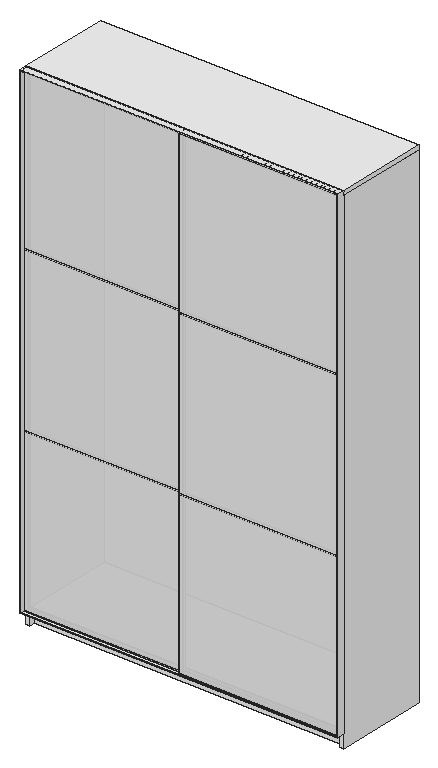
Revit family "677419a4529940beb06d459b9ebe6747", category Mobilier, Revit 2021
Family settings
  Numéro OmniClass = 23.40.20.00
  Titre OmniClass = General Furniture and Specialties
  Basée sur le plan de construction = Non
  Toujours verticalement = Oui
  Couper avec des vides une fois chargée = Non
  Partagée = Non
  Point de calcul de pièce = Non
Parameters (values of type "150 x 44 x 236 cm - Blanc brillant")
  Elévation par défaut = 0 mm
  Profondeur = 440 mm
  Profils = Métal - Alu brossé
  Portes = Verre trempé - Blanc
  Mobilier = Aggloméré - Blanc brillant
  Largeur = 1500 mm
  Hauteur = 2360 mm
Types (11, lengths in mm): name | Profondeur | Portes | Mobilier | Largeur | Hauteur
  (no name) | 440 | Verre trempé - Blanc | Aggloméré - Blanc brillant | 1500 | 2360
  150 x 44 x 236 cm - Blanc brillant | 440 | Verre trempé - Blanc | Aggloméré - Blanc brillant | 1500 | 2360
  150 x 66 x 236 cm - Blanc brillant | 660 | Verre trempé - Blanc | Aggloméré - Blanc brillant | 1500 | 2360
  150 x 66 x 201 cm - Blanc brillant | 660 | Verre trempé - Blanc | Aggloméré - Blanc brillant | 1500 | 2010
  200 x 44 x 236 cm - Blanc brillant | 440 | Verre trempé - Blanc | Aggloméré - Blanc brillant | 2000 | 2360
  200 x 66 x 236 cm - Blanc brillant | 660 | Verre trempé - Blanc | Aggloméré - Blanc brillant | 2000 | 2360
  150 x 44 x 236 cm - Noir brillant | 440 | Verre trempé - Noir | Aggloméré - Noir brillant | 1500 | 2360
  150 x 66 x 201 cm - Noir brillant | 660 | Verre trempé - Noir | Aggloméré - Noir brillant | 1500 | 2010
  150 x 66 x 236 cm - Noir brillant | 660 | Verre trempé - Noir | Aggloméré - Noir brillant | 1500 | 2360
  200 x 44 x 236 cm - Noir brillant | 440 | Verre trempé - Noir | Aggloméré - Noir brillant | 2000 | 2360
  200 x 66 x 236 cm - Noir brillant | 660 | Verre trempé - Noir | Aggloméré - Noir brillant | 2000 | 2360
Reference planes
  plane 1 "Centre (avant/arrière)": y = 0
  plane 2: z = 0
  plane 3 "Centre (gauche/droite)": x = 0
  plane 4: x = -750
  plane 5: x = 750
  plane 6: y = -440
  plane 7: z = 2360
  plane 8: y = -420
  plane 9: z = 60
  plane 10: z = 2341
  plane 11: y = -443.53
  plane 12: y = -459.53
Forms (mm)
  Extrusion 1, solid, material "Aggloméré - Blanc brillant" <- "Mobilier"
    sketch origin (0, 0, 0) x (0, 1, 0) y (0, 0, 1)
      loop
        line (0, 2360) -> (-440, 2360) -> (-440, 2341) -> (0, 2341) -> (0, 2360)
    from -750 to 750
  Extrusion 2, solid, material "Aggloméré - Blanc brillant" <- "Mobilier"
    sketch origin (0, 0, 0) x (1, 0, 0) y (0, 1, 0)
      loop
        line (-750, 0) -> (-750, -440) -> (-731, -440) -> (-731, 0) -> (-750, 0)
      loop
        line (731, 0) -> (731, -440) -> (750, -440) -> (750, 0) -> (731, 0)
    from 0 to 2341
  Extrusion 3, solid, material "Aggloméré - Blanc brillant" <- "Mobilier"
    sketch origin (0, 0, 0) x (1, 0, 0) y (0, 1, 0)
      loop
        line (-731, -420) -> (731, -420) -> (731, -401) -> (-731, -401) -> (-731, -420)
      loop
        line (-731, -20) -> (-731, -39) -> (731, -39) -> (731, -20) -> (-731, -20)
    from 0 to 60
  Extrusion 4, solid, material "Aggloméré - Blanc brillant" <- "Mobilier"
    sketch origin (0, 0, 0) x (1, 0, 0) y (0, 1, 0)
      loop
        line (-731, 0) -> (-731, -5) -> (731, -5) -> (731, 0) -> (-731, 0)
    from 0 to 2341
  Extrusion 5, solid, material "Aggloméré - Blanc brillant" <- "Mobilier"
    sketch origin (0, 0, 0) x (1, 0, 0) y (0, 0, 1)
      loop
        line (-731, 60) -> (731, 60) -> (731, 79) -> (-731, 79) -> (-731, 60)
    from 0 to 440
  Sweep 6, solid, material "Métal - Alu brossé" <- "Profils"
    path in 3D
      loop
        line (750, -440, 60) -> (-750, -440, 60) -> (-750, -440, 2360) -> (750, -440, 2360) -> (750, -440, 60)
    profile origin (750, -440, 1210) x (1, 0, 0) y (0, 1, 0)
      loop
        line (-19, 0) -> (-19, -3) -> (-3, -3) -> (-3, -35) -> (0, -35) -> (0, 0) -> (-19, 0)
Cuts and joins
  joined: Extrusion 4, Extrusion 5
Lines and regions (mm)
  sketch lines
    curve 1: line (750, -440, 2360) -> (750, -440, 60)
    curve 2: line (750, -440, 2360) -> (-750, -440, 2360)
    curve 3: line (-750, -440, 2360) -> (-750, -440, 60)
    curve 4: line (-750, -440, 60) -> (750, -440, 60)
Dimensions and locks
  "Profondeur": plane 6 to plane 1 "Centre (avant/arrière)"
  equal spacing: plane 4, plane 3 "Centre (gauche/droite)", plane 5
  "Largeur": plane 4 to plane 5
  "Hauteur": plane 7 to level
  locked: plane 8 to plane 6 at 20
  locked: plane 7 to Extrusion 1 sketch curve at 19
  locked: plane 4 to Extrusion 2 sketch curve at 19
  locked: Extrusion 2 sketch curve to plane 5 at 19
  locked: plane 9 to level at 60
  locked: plane 4 to Extrusion 3 sketch curve at 19
  locked: Extrusion 3 sketch curve to plane 5 at 19
  locked: Extrusion 3 sketch curve to plane 8 at 19
  locked: plane 7 to plane 10 at 19
  locked: plane 4 to Extrusion 4 sketch curve at 19
  locked: Extrusion 4 sketch curve to plane 5 at 19
  locked: Extrusion 4 sketch curve to plane 1 "Centre (avant/arrière)" at 5
  locked: Extrusion 5 sketch curve to plane 4 at 19
  locked: plane 5 to Extrusion 5 sketch curve at 19
  locked: Extrusion 5 sketch curve to plane 9 at 19
  locked: Extrusion 3 sketch curve to plane 1 "Centre (avant/arrière)" at 20
  locked: Extrusion 3 sketch curve to Extrusion 3 sketch curve at 19
  plane 6 to plane 11 to plane 12 = 3.53 mm locked, 16 mm locked
  locked: plane 6 to Sweep 6 sketch curve at 35
  locked: Sweep 6 sketch curve to plane 5 at 19
  locked: plane 6 to Sweep 6 sketch curve at 3
  locked: Sweep 6 sketch curve to plane 5 at 3
  aligned and locked: level to plane 2
  aligned and locked: plane 7 to Extrusion 1 sketch curve
  aligned and locked: Extrusion 1 sketch curve to plane 1 "Centre (avant/arrière)"
  aligned and locked: Extrusion 1 sketch curve to plane 6
  aligned and locked: Extrusion 1 to plane 4
  aligned and locked: plane 5 to Extrusion 1
  aligned and locked: plane 1 "Centre (avant/arrière)" to Extrusion 2 sketch curve  (x2)
  aligned and locked: plane 4 to Extrusion 2 sketch curve
  aligned and locked: Extrusion 2 sketch curve to plane 5
  aligned and locked: Extrusion 2 sketch curve to Extrusion 2 sketch curve
  aligned and locked: Extrusion 3 sketch curve to plane 8
  aligned and locked: plane 9 to Extrusion 3
  aligned and locked: plane 10 to Extrusion 2
  aligned and locked: plane 1 "Centre (avant/arrière)" to Extrusion 4 sketch curve
  aligned and locked: plane 10 to Extrusion 4
  aligned and locked: plane 6 to Extrusion 2 sketch curve
  aligned and locked: Extrusion 5 sketch curve to plane 9
  aligned and locked: Extrusion 5 to plane 6
  aligned and locked: Extrusion 3 sketch curve to Extrusion 3 sketch curve  (x2)
  aligned and locked: nested 1 to plane 11
  aligned and locked: plane 12 to nested 2
  aligned and locked: nested 1 to plane 3 "Centre (gauche/droite)"
  aligned and locked: nested 2 to plane 3 "Centre (gauche/droite)"
  aligned and locked: Sweep 6 sketch curve to plane 6
  aligned and locked: Sweep 6 sketch curve to plane 5
Nested families
  nested 1: "Portes" at (0, -443.53, 0) x (-1, 0, 0) z (0, 0, 1), type "#01"
    with Largeur 747 mm, LM 1500 mm, Hauteur 2360 mm
  nested 2: "Portes" at (0, -459.53, 0), type "#01"
    with Largeur 747 mm, LM 1500 mm, Hauteur 2360 mm
Definition of nested family "Portes"
  Parameters
    Profils = none
    Panneaux = none
    Largeur = (LM / 2) - 3 mm  # 497 mm
    LM = 1000 mm
    Hauteur = 2104.415 mm
    Default Elevation = 0 mm
  Reference planes
    plane 1 "Centre (avant/arrière)": y = 0
    plane 2: z = 0
    plane 3 "Centre (gauche/droite)": x = 0
    plane 4: x = 497
    plane 5: z = 2104.415
    plane 6: z = 1422.943
    plane 7: z = 741.472
    plane 8: z = 60
  Forms (mm)
    Sweep 1, solid, material <- "Profils"
      path origin (0, 0, 0) x (1, 0, 0) y (0, 0, 1)
        loop
          line (-2, 2101.415) -> (-2, 63) -> (497, 63) -> (497, 2101.415) -> (-2, 2101.415)
      profile origin (247.5, 0, 2101.415) x (0, 0, 1) y (0, -1, 0)
        loop
          line (0, 0) -> (-15, 0) -> (-15, -2) -> (-4, -2) -> (-4, -15) -> (-1, -15) -> (-1, -2) -> (0, -2) -> (0, 0)
    Extrusion 2, solid, material <- "Profils"
      sketch origin (0, 0, 0) x (0, 1, 0) y (0, 0, 1)
        loop
          line (0, 1424.943) -> (0, 1420.943) -> (15, 1420.943) -> (15, 1424.943) -> (0, 1424.943)
        loop
          line (0, 743.472) -> (0, 739.472) -> (15, 739.472) -> (15, 743.472) -> (0, 743.472)
      from 2 to 493
    Extrusion 3, solid, material <- "Panneaux"
      sketch origin (0, 0, 0) x (1, 0, 0) y (0, 0, 1)
        loop
          line (2, 2097.415) -> (2, 1424.943) -> (494, 1424.943) -> (494, 2097.415) -> (2, 2097.415)
        loop
          line (493, 743.472) -> (493, 1420.943) -> (2, 1420.943) -> (2, 743.472) -> (493, 743.472)
        loop
          line (2, 739.472) -> (2, 67) -> (493, 67) -> (493, 739.472) -> (2, 739.472)
      from -2 to -14
  Cuts and joins
    joined: Sweep 1, Extrusion 2
  Dimensions and locks
    "Largeur": plane 3 "Centre (gauche/droite)" to plane 4
    "Hauteur": plane 5 to level
    locked: profile plane to Sweep 1 sketch curve at 2
    locked: Sweep 1 sketch curve to profile plane at 1
    locked: Sweep 1 sketch curve to profile plane at 4
    locked: profile plane to Sweep 1 sketch curve at 15
    locked: Sweep 1 sketch curve to profile plane at 15
    equal spacing: plane 5, plane 6, plane 7, plane 8
    locked: plane 1 "Centre (avant/arrière)" to Extrusion 2 sketch curve at 15
    Extrusion 2 sketch curve to plane 6 to Extrusion 2 sketch curve = 2 mm locked, 2 mm locked
    Extrusion 2 sketch curve to plane 7 to Extrusion 2 sketch curve = 2 mm locked, 2 mm locked
    locked: plane 8 to level at 60
    locked: plane 3 "Centre (gauche/droite)" to Sweep 1 sketch curve at 2
    locked: plane 5 to Sweep 1 sketch curve at 3
    locked: Sweep 1 sketch curve to plane 8 at 3
    aligned and locked: level to plane 2
    aligned and locked: Sweep 1 sketch curve to plane 4
    aligned and locked: Sweep 1 sketch curve to profile plane
    aligned and locked: profile plane to Sweep 1 sketch curve
    aligned and locked: Sweep 1 sketch curve to Sweep 1 sketch curve
    aligned and locked: Extrusion 2 sketch curve to plane 1 "Centre (avant/arrière)"  (x2)
    aligned and locked: Extrusion 2 sketch curve to Extrusion 2 sketch curve
    aligned and locked: Extrusion 2 to Sweep 1  (x2)
    aligned and locked: Extrusion 3 sketch curve to cut or joined group of Sweep 1, Extrusion 2  (x7)
    aligned and locked: cut or joined group of Sweep 1, Extrusion 2 to Extrusion 3 sketch curve  (x4)
  Automatic sketch dimensions
    Extrusion 3 sketch curve to plane 4 = 3 mm
